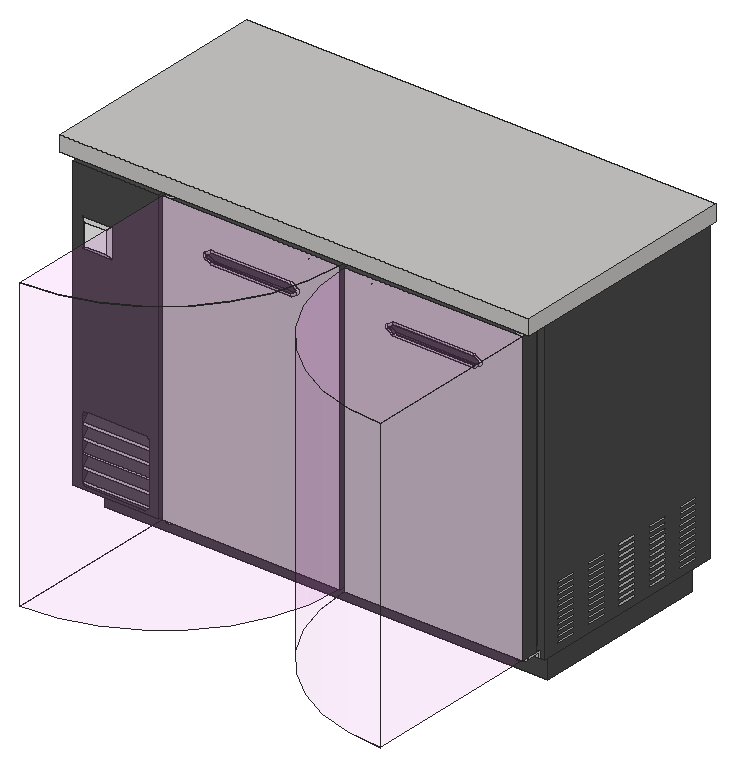
Revit family "QF_Kelvinator_738269_KCHBB48S_2-Solid_Door_Back_Bar_Refrigerator_Black_49_Long", category Specialty Equipment, Revit 2021
Family settings
  Round Connector Dimension = Use Diameter
  Part Type = Normal
  Work Plane-Based = No
  Always vertical = Yes
  Cut with Voids When Loaded = No
  Shared = No
  Room Calculation Point = No
Parameters
  Weight in Pounds = 205.03
  Watts = 300 W
  Volts = 115 V
  URL Cutsheet = ""
  Specification by User = ""
  Specification by Manufacturer = ""
  Show Clearance [instance] = yes
  Serial Number = ""
  Seismic Rating = ""
  SMACNA No = ""
  Revision Code = ""
  Refrigerant Type = "R290"
  Phase = 1
  Number of Poles = 1
  NAFEM Spec ID Number = ""
  Model = "738269 (KCHBB48S)"
  Min Ckt Ampacity = 0 A
  Max Overcurrent Protection = 0 A
  Masterspec = ""
  Manufacturer = "Kelvinator Commercial"
  Length = 49.0625"
  Item Number = "738269"
  Installed By = ""
  Identify Quantity as Lot = yes
  Height = 36.1875"
  HP = "1/5"
  Furnished By = ""
  Foodservice Equipment Identifier = yes
  FL Amps = 3 A
  Electrical Remarks = ""
  Electric Connection Type = ""
  Elec Conn RI Height = 0.000"
  Elec Conn Connection Height = 0.000"
  Description = "2-Solid Door Back Bar Refrigerator Black 49\" Long"
  Depth = 24.4375"
  Default Elevation = 0.000"
  Cycle = 60 Hz
  Conn Plug = "5-15P"
  Conn Conduit = yes
  CSI MasterFormat = ""
  Apparent Power = 0 VA
Reference planes (in)
  plane 1 "BACK": y = 0
  plane 2: z = 0
  plane 3 "LEFT": x = 0
  plane 4 "RIGHT": x = 49.0625
  plane 5 "FRONT": y = -24.4375
  plane 6 "TOP": z = 36.1875
  plane 7 "Center Y": x = 24.53125
  plane 8 "Center X": y = -12.21875
Dimensions and locks (in)
  equal spacing: plane 3 "LEFT", plane 7 "Center Y", plane 4 "RIGHT"
  "Length": plane 3 "LEFT" to plane 4 "RIGHT"
  equal spacing: plane 5 "FRONT", plane 8 "Center X", plane 1 "BACK"
  "Depth": plane 5 "FRONT" to plane 1 "BACK"
  "Height": plane 6 "TOP" to level
  aligned and locked: level to plane 2
Nested families (in)
  nested 1: "KCHBB48S" at (0, 0, 0), Show Clearance <- "Show Clearance", type "KCHBB48S"
    with Show Clearance yes
Connectors (in)
  electrical at (24.53125, -0.715, 2.22), driven by "Volts", driven by "Watts"
    settings: on nested 1, index 1, voltage 115 V, apparent load 300 VA, apparent load phase1 0 VA, apparent load phase2 0 VA, apparent load phase3 0 VA, power factor 1, load classification "Other", number of poles 1, system type 30, power factor state 1, is connector primary yes, connector utility no, sub classification motor no, connector description ""
Definition of nested family "KCHBB48S"
  Parameters (values of type "KCHBB48S")
    Weight in Pounds = 0
    URL Cutsheet = ""
    Specification by User = ""
    Specification by Manufacturer = ""
    Show Clearance [instance] = yes
    Serial Number = ""
    Seismic Rating = ""
    SMACNA No = ""
    Revision Code = ""
    NAFEM Spec ID Number = ""
    Masterspec = ""
    Length = 49.094"
    Item Number = ""
    Installed By = ""
    Identify Quantity as Lot = yes
    Height = 36.220"
    Furnished By = ""
    Foodservice Equipment Identifier = yes
    Depth = 24.409"
    Default Elevation = 0.000"
    CSI MasterFormat = ""
  Reference planes (in)
    plane 1 "BACK": y = 0
    plane 2: z = 0
    plane 3 "LEFT": x = 0
    plane 4 "RIGHT": x = 49.094
    plane 5 "FRONT": y = -24.409
    plane 6 "TOP": z = 36.22
    plane 7 "Center Y": x = 24.547
    plane 8 "Center X": y = -12.2045
    plane 9: x = 48.46875
    plane 10: x = 0.59375
    plane 11: x = 47.96875
    plane 12: x = 29.36875
    plane 13: x = 28.86875
    plane 14: x = 10.26875
    plane 15: x = 9.93375
    plane 16: x = 0.93375
    plane 17: z = 2.72
    plane 18: z = 34.5875
    plane 19: y = -40.8
    plane 20: y = -21.6
    plane 21: x = 1.34375
    plane 22: x = 47.71875
    plane 23: y = -1.34
    plane 24: y = -20.26
    plane 25: z = 33.8375
    plane 26: z = 3.4375
    plane 27: y = -22.1
    plane 28: x = 1.93375
    plane 29: x = 8.93375
  Forms (in)
    Extrusion 1, solid
      sketch origin (0.59375, -180, -2.6612) x (0, 0, -1) y (0, -1, 0)
        loop
          line (-5.3812, -180) -> (-5.3812, -158.4) -> (-37.2487, -158.4) -> (-37.2487, -180) -> (-5.3812, -180)
      from 0 to -47.875
    Extrusion 2, solid
      sketch origin (0, 0, 0) x (0, 1, 0) y (0, 0, 1)
        loop
          line (-24.409, 36.22) -> (-24.409, 34.5875) -> (0, 34.5875) -> (0, 36.22) -> (-24.409, 36.22)
      from 0 to 49.0625
    Extrusion 3, solid
      sketch origin (0, -1.34, 0) x (0, 0, -1) y (1, 0, 0)
        loop
          line (-2.72, 1.34375) -> (0, 1.34375) -> (0, 47.71875) -> (-2.72, 47.71875) -> (-2.72, 1.34375)
      from 0 to 18.92
    Extrusion 4, solid
      sketch origin (0, -22.1, 34.5875) x (0, 0, 1) y (1, 0, 0)
        loop
          line (-0.75, 0.93375) -> (-0.75, 9.93375) -> (-31.15, 9.93375) -> (-31.15, 0.93375) -> (-0.75, 0.93375)
      from 0.5 to -1.75
    Extrusion 5, void
      sketch origin (1.93375, -180, 12.66737) x (0, 0, -1) y (0, -1, 0)
        loop
          line (8.97987, -157.025) -> (8.97987, -154.6785) -> (1.85487, -154.6785) -> (1.85487, -157.025) -> (2.10487, -157.025) -> (2.97987, -156.1785) -> (3.22987, -156.1785) -> (3.22987, -157.025) -> (3.47987, -157.025) -> (4.35487, -156.1785) -> (4.60487, -156.1785) -> (4.60487, -157.025) -> (4.85487, -157.025) -> (5.72987, -156.1785) -> (5.97987, -156.1785) -> (5.97987, -157.025) -> (6.22987, -157.025) -> (7.10487, -156.1785) -> (7.35487, -156.1785) -> (7.35487, -157.025) -> (7.60487, -157.025) -> (8.47987, -156.1785) -> (8.72987, -156.1785) -> (8.72987, -157.025) -> (8.97987, -157.025)
      from 0 to -7
    Extrusion 6, solid
      sketch origin (47.96875, -23.85, 3.4375) x (0, 0, 1) y (-1, 0, 0)
        loop
          line (7.375, 39.535) -> (7.375, 45.535)
          arc (7.375, 45.535) -> (7.22855, 45.88855) -> (6.875, 46.035) r 0.5
          line (6.875, 46.035) -> (0.75, 46.035)
          arc (0.75, 46.035) -> (0.39645, 45.88855) -> (0.25, 45.535) r 0.5
          line (0.25, 45.535) -> (0.25, 39.535)
          arc (0.25, 39.535) -> (0.39645, 39.18145) -> (0.75, 39.035) r 0.5
          line (0.75, 39.035) -> (6.875, 39.035)
          arc (6.875, 39.035) -> (7.22855, 39.18145) -> (7.375, 39.535) r 0.5
        loop
          line (7.625, 39.535) -> (7.625, 45.535)
          arc (7.625, 45.535) -> (7.40533, 46.06533) -> (6.875, 46.285) r 0.75
          line (6.875, 46.285) -> (0.75, 46.285)
          arc (0.75, 46.285) -> (0.21967, 46.06533) -> (0, 45.535) r 0.75
          line (0, 45.535) -> (0, 39.535)
          arc (0, 39.535) -> (0.21967, 39.00467) -> (0.75, 38.785) r 0.75
          line (0.75, 38.785) -> (6.875, 38.785)
          arc (6.875, 38.785) -> (7.40533, 39.00467) -> (7.625, 39.535) r 0.75
      from 0 to -0.875
    Blend 7, solid
      base sketch origin (47.96875, -23.85, 3.4375) x (0, 0, 1) y (-1, 0, 0)
        loop
          line (25.18493, 45.65025) -> (22.93493, 45.65025) -> (22.93493, 43.40025) -> (25.18493, 43.40025) -> (25.18493, 45.65025)
      top sketch origin (47.96875, -23.85, 3.4375) x (0, 0, 1) y (-1, 0, 0)
        loop
          line (25.56493, 46.03025) -> (22.55493, 46.03025) -> (22.55493, 43.02025) -> (25.56493, 43.02025) -> (25.56493, 46.03025)
      from 0.21643 to 0
    Extrusion 8, void
      sketch origin (0.59375, -180, -2.6612) x (0, 0, 1) y (0, -1, 0)
        loop
          arc (12.10379, -160.16063) -> (11.94754, -160.00438) -> (11.79129, -160.16063) r 0.15625
          line (11.79129, -160.16063) -> (11.79129, -162.09813)
          arc (11.79129, -162.09813) -> (11.94754, -162.25438) -> (12.10379, -162.09813) r 0.15625
          line (12.10379, -162.09813) -> (12.10379, -160.16063)
        loop
          arc (11.54129, -160.16063) -> (11.38504, -160.00438) -> (11.22879, -160.16063) r 0.15625
          line (11.22879, -160.16063) -> (11.22879, -162.09813)
          arc (11.22879, -162.09813) -> (11.38504, -162.25438) -> (11.54129, -162.09813) r 0.15625
          line (11.54129, -162.09813) -> (11.54129, -160.16063)
        loop
          arc (10.97879, -160.16063) -> (10.82254, -160.00438) -> (10.66629, -160.16063) r 0.15625
          line (10.66629, -160.16063) -> (10.66629, -162.09813)
          arc (10.66629, -162.09813) -> (10.82254, -162.25438) -> (10.97879, -162.09813) r 0.15625
          line (10.97879, -162.09813) -> (10.97879, -160.16063)
        loop
          arc (10.41629, -160.16063) -> (10.26004, -160.00438) -> (10.10379, -160.16063) r 0.15625
          line (10.10379, -160.16063) -> (10.10379, -162.09813)
          arc (10.10379, -162.09813) -> (10.26004, -162.25438) -> (10.41629, -162.09813) r 0.15625
          line (10.41629, -162.09813) -> (10.41629, -160.16063)
        loop
          arc (9.85379, -160.16063) -> (9.69754, -160.00438) -> (9.54129, -160.16063) r 0.15625
          line (9.54129, -160.16063) -> (9.54129, -162.09813)
          arc (9.54129, -162.09813) -> (9.69754, -162.25438) -> (9.85379, -162.09813) r 0.15625
          line (9.85379, -162.09813) -> (9.85379, -160.16063)
        loop
          arc (9.29129, -160.16063) -> (9.13504, -160.00438) -> (8.97879, -160.16063) r 0.15625
          line (8.97879, -160.16063) -> (8.97879, -162.09813)
          arc (8.97879, -162.09813) -> (9.13504, -162.25438) -> (9.29129, -162.09813) r 0.15625
          line (9.29129, -162.09813) -> (9.29129, -160.16063)
        loop
          arc (8.72879, -160.16063) -> (8.57254, -160.00438) -> (8.41629, -160.16063) r 0.15625
          line (8.41629, -160.16063) -> (8.41629, -162.09813)
          arc (8.41629, -162.09813) -> (8.57254, -162.25438) -> (8.72879, -162.09813) r 0.15625
          line (8.72879, -162.09813) -> (8.72879, -160.16063)
        loop
          arc (8.16629, -160.16063) -> (8.01004, -160.00438) -> (7.85379, -160.16063) r 0.15625
          line (7.85379, -160.16063) -> (7.85379, -162.09813)
          arc (7.85379, -162.09813) -> (8.01004, -162.25438) -> (8.16629, -162.09813) r 0.15625
          line (8.16629, -162.09813) -> (8.16629, -160.16063)
        loop
          arc (7.60379, -160.16063) -> (7.44754, -160.00438) -> (7.29129, -160.16063) r 0.15625
          line (7.29129, -160.16063) -> (7.29129, -162.09813)
          arc (7.29129, -162.09813) -> (7.44754, -162.25438) -> (7.60379, -162.09813) r 0.15625
          line (7.60379, -162.09813) -> (7.60379, -160.16063)
        loop
          arc (7.04129, -160.16063) -> (6.88504, -160.00438) -> (6.72879, -160.16063) r 0.15625
          line (6.72879, -160.16063) -> (6.72879, -162.09813)
          arc (6.72879, -162.09813) -> (6.88504, -162.25438) -> (7.04129, -162.09813) r 0.15625
          line (7.04129, -162.09813) -> (7.04129, -160.16063)
        loop
          arc (6.47879, -160.16063) -> (6.32254, -160.00438) -> (6.16629, -160.16063) r 0.15625
          line (6.16629, -160.16063) -> (6.16629, -162.09813)
          arc (6.16629, -162.09813) -> (6.32254, -162.25438) -> (6.47879, -162.09813) r 0.15625
          line (6.47879, -162.09813) -> (6.47879, -160.16063)
        loop
          arc (12.10379, -164.16063) -> (11.94754, -164.00438) -> (11.79129, -164.16063) r 0.15625
          line (11.79129, -164.16063) -> (11.79129, -166.09813)
          arc (11.79129, -166.09813) -> (11.94754, -166.25438) -> (12.10379, -166.09813) r 0.15625
          line (12.10379, -166.09813) -> (12.10379, -164.16063)
        loop
          arc (11.54129, -164.16063) -> (11.38504, -164.00438) -> (11.22879, -164.16063) r 0.15625
          line (11.22879, -164.16063) -> (11.22879, -166.09813)
          arc (11.22879, -166.09813) -> (11.38504, -166.25438) -> (11.54129, -166.09813) r 0.15625
          line (11.54129, -166.09813) -> (11.54129, -164.16063)
        loop
          arc (10.97879, -164.16063) -> (10.82254, -164.00438) -> (10.66629, -164.16063) r 0.15625
          line (10.66629, -164.16063) -> (10.66629, -166.09813)
          arc (10.66629, -166.09813) -> (10.82254, -166.25438) -> (10.97879, -166.09813) r 0.15625
          line (10.97879, -166.09813) -> (10.97879, -164.16063)
        loop
          arc (10.41629, -164.16063) -> (10.26004, -164.00438) -> (10.10379, -164.16063) r 0.15625
          line (10.10379, -164.16063) -> (10.10379, -166.09813)
          arc (10.10379, -166.09813) -> (10.26004, -166.25438) -> (10.41629, -166.09813) r 0.15625
          line (10.41629, -166.09813) -> (10.41629, -164.16063)
        loop
          arc (9.85379, -164.16063) -> (9.69754, -164.00438) -> (9.54129, -164.16063) r 0.15625
          line (9.54129, -164.16063) -> (9.54129, -166.09813)
          arc (9.54129, -166.09813) -> (9.69754, -166.25438) -> (9.85379, -166.09813) r 0.15625
          line (9.85379, -166.09813) -> (9.85379, -164.16063)
        loop
          arc (9.29129, -164.16063) -> (9.13504, -164.00438) -> (8.97879, -164.16063) r 0.15625
          line (8.97879, -164.16063) -> (8.97879, -166.09813)
          arc (8.97879, -166.09813) -> (9.13504, -166.25438) -> (9.29129, -166.09813) r 0.15625
          line (9.29129, -166.09813) -> (9.29129, -164.16063)
        loop
          arc (8.72879, -164.16063) -> (8.57254, -164.00438) -> (8.41629, -164.16063) r 0.15625
          line (8.41629, -164.16063) -> (8.41629, -166.09813)
          arc (8.41629, -166.09813) -> (8.57254, -166.25438) -> (8.72879, -166.09813) r 0.15625
          line (8.72879, -166.09813) -> (8.72879, -164.16063)
        loop
          arc (8.16629, -164.16063) -> (8.01004, -164.00438) -> (7.85379, -164.16063) r 0.15625
          line (7.85379, -164.16063) -> (7.85379, -166.09813)
          arc (7.85379, -166.09813) -> (8.01004, -166.25438) -> (8.16629, -166.09813) r 0.15625
          line (8.16629, -166.09813) -> (8.16629, -164.16063)
        loop
          arc (7.60379, -164.16063) -> (7.44754, -164.00438) -> (7.29129, -164.16063) r 0.15625
          line (7.29129, -164.16063) -> (7.29129, -166.09813)
          arc (7.29129, -166.09813) -> (7.44754, -166.25438) -> (7.60379, -166.09813) r 0.15625
          line (7.60379, -166.09813) -> (7.60379, -164.16063)
        loop
          arc (7.04129, -164.16063) -> (6.88504, -164.00438) -> (6.72879, -164.16063) r 0.15625
          line (6.72879, -164.16063) -> (6.72879, -166.09813)
          arc (6.72879, -166.09813) -> (6.88504, -166.25438) -> (7.04129, -166.09813) r 0.15625
          line (7.04129, -166.09813) -> (7.04129, -164.16063)
        loop
          arc (6.47879, -164.16063) -> (6.32254, -164.00438) -> (6.16629, -164.16063) r 0.15625
          line (6.16629, -164.16063) -> (6.16629, -166.09813)
          arc (6.16629, -166.09813) -> (6.32254, -166.25438) -> (6.47879, -166.09813) r 0.15625
          line (6.47879, -166.09813) -> (6.47879, -164.16063)
        loop
          arc (12.10379, -168.16063) -> (11.94754, -168.00438) -> (11.79129, -168.16063) r 0.15625
          line (11.79129, -168.16063) -> (11.79129, -170.09813)
          arc (11.79129, -170.09813) -> (11.94754, -170.25438) -> (12.10379, -170.09813) r 0.15625
          line (12.10379, -170.09813) -> (12.10379, -168.16063)
        loop
          arc (11.54129, -168.16063) -> (11.38504, -168.00438) -> (11.22879, -168.16063) r 0.15625
          line (11.22879, -168.16063) -> (11.22879, -170.09813)
          arc (11.22879, -170.09813) -> (11.38504, -170.25438) -> (11.54129, -170.09813) r 0.15625
          line (11.54129, -170.09813) -> (11.54129, -168.16063)
        loop
          arc (10.97879, -168.16063) -> (10.82254, -168.00438) -> (10.66629, -168.16063) r 0.15625
          line (10.66629, -168.16063) -> (10.66629, -170.09813)
          arc (10.66629, -170.09813) -> (10.82254, -170.25438) -> (10.97879, -170.09813) r 0.15625
          line (10.97879, -170.09813) -> (10.97879, -168.16063)
        loop
          arc (10.41629, -168.16063) -> (10.26004, -168.00438) -> (10.10379, -168.16063) r 0.15625
          line (10.10379, -168.16063) -> (10.10379, -170.09813)
          arc (10.10379, -170.09813) -> (10.26004, -170.25438) -> (10.41629, -170.09813) r 0.15625
          line (10.41629, -170.09813) -> (10.41629, -168.16063)
        loop
          arc (9.85379, -168.16063) -> (9.69754, -168.00438) -> (9.54129, -168.16063) r 0.15625
          line (9.54129, -168.16063) -> (9.54129, -170.09813)
          arc (9.54129, -170.09813) -> (9.69754, -170.25438) -> (9.85379, -170.09813) r 0.15625
          line (9.85379, -170.09813) -> (9.85379, -168.16063)
        loop
          arc (9.29129, -168.16063) -> (9.13504, -168.00438) -> (8.97879, -168.16063) r 0.15625
          line (8.97879, -168.16063) -> (8.97879, -170.09813)
          arc (8.97879, -170.09813) -> (9.13504, -170.25438) -> (9.29129, -170.09813) r 0.15625
          line (9.29129, -170.09813) -> (9.29129, -168.16063)
        loop
          arc (8.72879, -168.16063) -> (8.57254, -168.00438) -> (8.41629, -168.16063) r 0.15625
          line (8.41629, -168.16063) -> (8.41629, -170.09813)
          arc (8.41629, -170.09813) -> (8.57254, -170.25438) -> (8.72879, -170.09813) r 0.15625
          line (8.72879, -170.09813) -> (8.72879, -168.16063)
        loop
          arc (8.16629, -168.16063) -> (8.01004, -168.00438) -> (7.85379, -168.16063) r 0.15625
          line (7.85379, -168.16063) -> (7.85379, -170.09813)
          arc (7.85379, -170.09813) -> (8.01004, -170.25438) -> (8.16629, -170.09813) r 0.15625
          line (8.16629, -170.09813) -> (8.16629, -168.16063)
        loop
          arc (7.60379, -168.16063) -> (7.44754, -168.00438) -> (7.29129, -168.16063) r 0.15625
          line (7.29129, -168.16063) -> (7.29129, -170.09813)
          arc (7.29129, -170.09813) -> (7.44754, -170.25438) -> (7.60379, -170.09813) r 0.15625
          line (7.60379, -170.09813) -> (7.60379, -168.16063)
        loop
          arc (7.04129, -168.16063) -> (6.88504, -168.00438) -> (6.72879, -168.16063) r 0.15625
          line (6.72879, -168.16063) -> (6.72879, -170.09813)
          arc (6.72879, -170.09813) -> (6.88504, -170.25438) -> (7.04129, -170.09813) r 0.15625
          line (7.04129, -170.09813) -> (7.04129, -168.16063)
        loop
          arc (6.47879, -168.16063) -> (6.32254, -168.00438) -> (6.16629, -168.16063) r 0.15625
          line (6.16629, -168.16063) -> (6.16629, -170.09813)
          arc (6.16629, -170.09813) -> (6.32254, -170.25438) -> (6.47879, -170.09813) r 0.15625
          line (6.47879, -170.09813) -> (6.47879, -168.16063)
        loop
          arc (12.10379, -172.16063) -> (11.94754, -172.00438) -> (11.79129, -172.16063) r 0.15625
          line (11.79129, -172.16063) -> (11.79129, -174.09813)
          arc (11.79129, -174.09813) -> (11.94754, -174.25438) -> (12.10379, -174.09813) r 0.15625
          line (12.10379, -174.09813) -> (12.10379, -172.16063)
        loop
          arc (11.54129, -172.16063) -> (11.38504, -172.00438) -> (11.22879, -172.16063) r 0.15625
          line (11.22879, -172.16063) -> (11.22879, -174.09813)
          arc (11.22879, -174.09813) -> (11.38504, -174.25438) -> (11.54129, -174.09813) r 0.15625
          line (11.54129, -174.09813) -> (11.54129, -172.16063)
        loop
          arc (10.97879, -172.16063) -> (10.82254, -172.00438) -> (10.66629, -172.16063) r 0.15625
          line (10.66629, -172.16063) -> (10.66629, -174.09813)
          arc (10.66629, -174.09813) -> (10.82254, -174.25438) -> (10.97879, -174.09813) r 0.15625
          line (10.97879, -174.09813) -> (10.97879, -172.16063)
        loop
          arc (10.41629, -172.16063) -> (10.26004, -172.00438) -> (10.10379, -172.16063) r 0.15625
          line (10.10379, -172.16063) -> (10.10379, -174.09813)
          arc (10.10379, -174.09813) -> (10.26004, -174.25438) -> (10.41629, -174.09813) r 0.15625
          line (10.41629, -174.09813) -> (10.41629, -172.16063)
        loop
          arc (9.85379, -172.16063) -> (9.69754, -172.00438) -> (9.54129, -172.16063) r 0.15625
          line (9.54129, -172.16063) -> (9.54129, -174.09813)
          arc (9.54129, -174.09813) -> (9.69754, -174.25438) -> (9.85379, -174.09813) r 0.15625
          line (9.85379, -174.09813) -> (9.85379, -172.16063)
        loop
          arc (9.29129, -172.16063) -> (9.13504, -172.00438) -> (8.97879, -172.16063) r 0.15625
          line (8.97879, -172.16063) -> (8.97879, -174.09813)
          arc (8.97879, -174.09813) -> (9.13504, -174.25438) -> (9.29129, -174.09813) r 0.15625
          line (9.29129, -174.09813) -> (9.29129, -172.16063)
        loop
          arc (8.72879, -172.16063) -> (8.57254, -172.00438) -> (8.41629, -172.16063) r 0.15625
          line (8.41629, -172.16063) -> (8.41629, -174.09813)
          arc (8.41629, -174.09813) -> (8.57254, -174.25438) -> (8.72879, -174.09813) r 0.15625
          line (8.72879, -174.09813) -> (8.72879, -172.16063)
        loop
          arc (8.16629, -172.16063) -> (8.01004, -172.00438) -> (7.85379, -172.16063) r 0.15625
          line (7.85379, -172.16063) -> (7.85379, -174.09813)
          arc (7.85379, -174.09813) -> (8.01004, -174.25438) -> (8.16629, -174.09813) r 0.15625
          line (8.16629, -174.09813) -> (8.16629, -172.16063)
        loop
          arc (7.60379, -172.16063) -> (7.44754, -172.00438) -> (7.29129, -172.16063) r 0.15625
          line (7.29129, -172.16063) -> (7.29129, -174.09813)
          arc (7.29129, -174.09813) -> (7.44754, -174.25438) -> (7.60379, -174.09813) r 0.15625
          line (7.60379, -174.09813) -> (7.60379, -172.16063)
        loop
          arc (7.04129, -172.16063) -> (6.88504, -172.00438) -> (6.72879, -172.16063) r 0.15625
          line (6.72879, -172.16063) -> (6.72879, -174.09813)
          arc (6.72879, -174.09813) -> (6.88504, -174.25438) -> (7.04129, -174.09813) r 0.15625
          line (7.04129, -174.09813) -> (7.04129, -172.16063)
        loop
          arc (6.47879, -172.16063) -> (6.32254, -172.00438) -> (6.16629, -172.16063) r 0.15625
          line (6.16629, -172.16063) -> (6.16629, -174.09813)
          arc (6.16629, -174.09813) -> (6.32254, -174.25438) -> (6.47879, -174.09813) r 0.15625
          line (6.47879, -174.09813) -> (6.47879, -172.16063)
        loop
          arc (12.10379, -176.16063) -> (11.94754, -176.00438) -> (11.79129, -176.16063) r 0.15625
          line (11.79129, -176.16063) -> (11.79129, -178.09813)
          arc (11.79129, -178.09813) -> (11.94754, -178.25438) -> (12.10379, -178.09813) r 0.15625
          line (12.10379, -178.09813) -> (12.10379, -176.16063)
        loop
          arc (11.54129, -176.16063) -> (11.38504, -176.00438) -> (11.22879, -176.16063) r 0.15625
          line (11.22879, -176.16063) -> (11.22879, -178.09813)
          arc (11.22879, -178.09813) -> (11.38504, -178.25438) -> (11.54129, -178.09813) r 0.15625
          line (11.54129, -178.09813) -> (11.54129, -176.16063)
        loop
          arc (10.97879, -176.16063) -> (10.82254, -176.00438) -> (10.66629, -176.16063) r 0.15625
          line (10.66629, -176.16063) -> (10.66629, -178.09813)
          arc (10.66629, -178.09813) -> (10.82254, -178.25438) -> (10.97879, -178.09813) r 0.15625
          line (10.97879, -178.09813) -> (10.97879, -176.16063)
        loop
          arc (10.41629, -176.16063) -> (10.26004, -176.00438) -> (10.10379, -176.16063) r 0.15625
          line (10.10379, -176.16063) -> (10.10379, -178.09813)
          arc (10.10379, -178.09813) -> (10.26004, -178.25438) -> (10.41629, -178.09813) r 0.15625
          line (10.41629, -178.09813) -> (10.41629, -176.16063)
        loop
          arc (9.85379, -176.16063) -> (9.69754, -176.00438) -> (9.54129, -176.16063) r 0.15625
          line (9.54129, -176.16063) -> (9.54129, -178.09813)
          arc (9.54129, -178.09813) -> (9.69754, -178.25438) -> (9.85379, -178.09813) r 0.15625
          line (9.85379, -178.09813) -> (9.85379, -176.16063)
        loop
          arc (9.29129, -176.16063) -> (9.13504, -176.00438) -> (8.97879, -176.16063) r 0.15625
          line (8.97879, -176.16063) -> (8.97879, -178.09813)
          arc (8.97879, -178.09813) -> (9.13504, -178.25438) -> (9.29129, -178.09813) r 0.15625
          line (9.29129, -178.09813) -> (9.29129, -176.16063)
        loop
          arc (8.72879, -176.16063) -> (8.57254, -176.00438) -> (8.41629, -176.16063) r 0.15625
          line (8.41629, -176.16063) -> (8.41629, -178.09813)
          arc (8.41629, -178.09813) -> (8.57254, -178.25438) -> (8.72879, -178.09813) r 0.15625
          line (8.72879, -178.09813) -> (8.72879, -176.16063)
        loop
          arc (8.16629, -176.16063) -> (8.01004, -176.00438) -> (7.85379, -176.16063) r 0.15625
          line (7.85379, -176.16063) -> (7.85379, -178.09813)
          arc (7.85379, -178.09813) -> (8.01004, -178.25438) -> (8.16629, -178.09813) r 0.15625
          line (8.16629, -178.09813) -> (8.16629, -176.16063)
        loop
          arc (7.60379, -176.16063) -> (7.44754, -176.00438) -> (7.29129, -176.16063) r 0.15625
          line (7.29129, -176.16063) -> (7.29129, -178.09813)
          arc (7.29129, -178.09813) -> (7.44754, -178.25438) -> (7.60379, -178.09813) r 0.15625
          line (7.60379, -178.09813) -> (7.60379, -176.16063)
        loop
          arc (7.04129, -176.16063) -> (6.88504, -176.00438) -> (6.72879, -176.16063) r 0.15625
          line (6.72879, -176.16063) -> (6.72879, -178.09813)
          arc (6.72879, -178.09813) -> (6.88504, -178.25438) -> (7.04129, -178.09813) r 0.15625
          line (7.04129, -178.09813) -> (7.04129, -176.16063)
        loop
          arc (6.47879, -176.16063) -> (6.32254, -176.00438) -> (6.16629, -176.16063) r 0.15625
          line (6.16629, -176.16063) -> (6.16629, -178.09813)
          arc (6.16629, -178.09813) -> (6.32254, -178.25438) -> (6.47879, -178.09813) r 0.15625
          line (6.47879, -178.09813) -> (6.47879, -176.16063)
      from 0 to 0.03
    Extrusion 9, void
      sketch origin (48.46875, -180, -2.6612) x (0, 0, 1) y (0, 1, 0)
        loop
          line (12.07129, 160.16063) -> (12.07129, 162.09813)
          arc (12.07129, 162.09813) -> (11.91504, 162.25438) -> (11.75879, 162.09813) r 0.15625
          line (11.75879, 162.09813) -> (11.75879, 160.16063)
          arc (11.75879, 160.16063) -> (11.91504, 160.00438) -> (12.07129, 160.16063) r 0.15625
        loop
          line (11.50879, 160.16063) -> (11.50879, 162.09813)
          arc (11.50879, 162.09813) -> (11.35254, 162.25438) -> (11.19629, 162.09813) r 0.15625
          line (11.19629, 162.09813) -> (11.19629, 160.16063)
          arc (11.19629, 160.16063) -> (11.35254, 160.00438) -> (11.50879, 160.16063) r 0.15625
        loop
          line (10.94629, 160.16063) -> (10.94629, 162.09813)
          arc (10.94629, 162.09813) -> (10.79004, 162.25438) -> (10.63379, 162.09813) r 0.15625
          line (10.63379, 162.09813) -> (10.63379, 160.16063)
          arc (10.63379, 160.16063) -> (10.79004, 160.00438) -> (10.94629, 160.16063) r 0.15625
        loop
          line (10.38379, 160.16063) -> (10.38379, 162.09813)
          arc (10.38379, 162.09813) -> (10.22754, 162.25438) -> (10.07129, 162.09813) r 0.15625
          line (10.07129, 162.09813) -> (10.07129, 160.16063)
          arc (10.07129, 160.16063) -> (10.22754, 160.00438) -> (10.38379, 160.16063) r 0.15625
        loop
          line (9.82129, 160.16063) -> (9.82129, 162.09813)
          arc (9.82129, 162.09813) -> (9.66504, 162.25438) -> (9.50879, 162.09813) r 0.15625
          line (9.50879, 162.09813) -> (9.50879, 160.16063)
          arc (9.50879, 160.16063) -> (9.66504, 160.00438) -> (9.82129, 160.16063) r 0.15625
        loop
          line (9.25879, 160.16063) -> (9.25879, 162.09813)
          arc (9.25879, 162.09813) -> (9.10254, 162.25438) -> (8.94629, 162.09813) r 0.15625
          line (8.94629, 162.09813) -> (8.94629, 160.16063)
          arc (8.94629, 160.16063) -> (9.10254, 160.00438) -> (9.25879, 160.16063) r 0.15625
        loop
          line (8.69629, 160.16063) -> (8.69629, 162.09813)
          arc (8.69629, 162.09813) -> (8.54004, 162.25438) -> (8.38379, 162.09813) r 0.15625
          line (8.38379, 162.09813) -> (8.38379, 160.16063)
          arc (8.38379, 160.16063) -> (8.54004, 160.00438) -> (8.69629, 160.16063) r 0.15625
        loop
          line (8.13379, 160.16063) -> (8.13379, 162.09813)
          arc (8.13379, 162.09813) -> (7.97754, 162.25438) -> (7.82129, 162.09813) r 0.15625
          line (7.82129, 162.09813) -> (7.82129, 160.16063)
          arc (7.82129, 160.16063) -> (7.97754, 160.00438) -> (8.13379, 160.16063) r 0.15625
        loop
          line (7.57129, 160.16063) -> (7.57129, 162.09813)
          arc (7.57129, 162.09813) -> (7.41504, 162.25438) -> (7.25879, 162.09813) r 0.15625
          line (7.25879, 162.09813) -> (7.25879, 160.16063)
          arc (7.25879, 160.16063) -> (7.41504, 160.00438) -> (7.57129, 160.16063) r 0.15625
        loop
          line (7.00879, 160.16063) -> (7.00879, 162.09813)
          arc (7.00879, 162.09813) -> (6.85254, 162.25438) -> (6.69629, 162.09813) r 0.15625
          line (6.69629, 162.09813) -> (6.69629, 160.16063)
          arc (6.69629, 160.16063) -> (6.85254, 160.00438) -> (7.00879, 160.16063) r 0.15625
        loop
          line (6.44629, 160.16063) -> (6.44629, 162.09813)
          arc (6.44629, 162.09813) -> (6.29004, 162.25438) -> (6.13379, 162.09813) r 0.15625
          line (6.13379, 162.09813) -> (6.13379, 160.16063)
          arc (6.13379, 160.16063) -> (6.29004, 160.00438) -> (6.44629, 160.16063) r 0.15625
        loop
          line (12.07129, 164.16063) -> (12.07129, 166.11238)
          arc (12.07129, 166.11238) -> (11.91504, 166.26863) -> (11.75879, 166.11238) r 0.15625
          line (11.75879, 166.11238) -> (11.75879, 164.16063)
          arc (11.75879, 164.16063) -> (11.91504, 164.00438) -> (12.07129, 164.16063) r 0.15625
        loop
          line (11.50879, 164.16063) -> (11.50879, 166.11238)
          arc (11.50879, 166.11238) -> (11.35254, 166.26863) -> (11.19629, 166.11238) r 0.15625
          line (11.19629, 166.11238) -> (11.19629, 164.16063)
          arc (11.19629, 164.16063) -> (11.35254, 164.00438) -> (11.50879, 164.16063) r 0.15625
        loop
          line (10.94629, 164.16063) -> (10.94629, 166.11238)
          arc (10.94629, 166.11238) -> (10.79004, 166.26863) -> (10.63379, 166.11238) r 0.15625
          line (10.63379, 166.11238) -> (10.63379, 164.16063)
          arc (10.63379, 164.16063) -> (10.79004, 164.00438) -> (10.94629, 164.16063) r 0.15625
        loop
          line (10.38379, 164.16063) -> (10.38379, 166.11238)
          arc (10.38379, 166.11238) -> (10.22754, 166.26863) -> (10.07129, 166.11238) r 0.15625
          line (10.07129, 166.11238) -> (10.07129, 164.16063)
          arc (10.07129, 164.16063) -> (10.22754, 164.00438) -> (10.38379, 164.16063) r 0.15625
        loop
          line (9.82129, 164.16063) -> (9.82129, 166.11238)
          arc (9.82129, 166.11238) -> (9.66504, 166.26863) -> (9.50879, 166.11238) r 0.15625
          line (9.50879, 166.11238) -> (9.50879, 164.16063)
          arc (9.50879, 164.16063) -> (9.66504, 164.00438) -> (9.82129, 164.16063) r 0.15625
        loop
          line (9.25879, 164.16063) -> (9.25879, 166.11238)
          arc (9.25879, 166.11238) -> (9.10254, 166.26863) -> (8.94629, 166.11238) r 0.15625
          line (8.94629, 166.11238) -> (8.94629, 164.16063)
          arc (8.94629, 164.16063) -> (9.10254, 164.00438) -> (9.25879, 164.16063) r 0.15625
        loop
          line (8.69629, 164.16063) -> (8.69629, 166.11238)
          arc (8.69629, 166.11238) -> (8.54004, 166.26863) -> (8.38379, 166.11238) r 0.15625
          line (8.38379, 166.11238) -> (8.38379, 164.16063)
          arc (8.38379, 164.16063) -> (8.54004, 164.00438) -> (8.69629, 164.16063) r 0.15625
        loop
          line (8.13379, 164.16063) -> (8.13379, 166.11238)
          arc (8.13379, 166.11238) -> (7.97754, 166.26863) -> (7.82129, 166.11238) r 0.15625
          line (7.82129, 166.11238) -> (7.82129, 164.16063)
          arc (7.82129, 164.16063) -> (7.97754, 164.00438) -> (8.13379, 164.16063) r 0.15625
        loop
          line (7.57129, 164.16063) -> (7.57129, 166.11238)
          arc (7.57129, 166.11238) -> (7.41504, 166.26863) -> (7.25879, 166.11238) r 0.15625
          line (7.25879, 166.11238) -> (7.25879, 164.16063)
          arc (7.25879, 164.16063) -> (7.41504, 164.00438) -> (7.57129, 164.16063) r 0.15625
        loop
          line (7.00879, 164.16063) -> (7.00879, 166.11238)
          arc (7.00879, 166.11238) -> (6.85254, 166.26863) -> (6.69629, 166.11238) r 0.15625
          line (6.69629, 166.11238) -> (6.69629, 164.16063)
          arc (6.69629, 164.16063) -> (6.85254, 164.00438) -> (7.00879, 164.16063) r 0.15625
        loop
          line (6.44629, 164.16063) -> (6.44629, 166.11238)
          arc (6.44629, 166.11238) -> (6.29004, 166.26863) -> (6.13379, 166.11238) r 0.15625
          line (6.13379, 166.11238) -> (6.13379, 164.16063)
          arc (6.13379, 164.16063) -> (6.29004, 164.00438) -> (6.44629, 164.16063) r 0.15625
        loop
          line (12.07129, 168.17488) -> (12.07129, 170.11238)
          arc (12.07129, 170.11238) -> (11.91504, 170.26863) -> (11.75879, 170.11238) r 0.15625
          line (11.75879, 170.11238) -> (11.75879, 168.17488)
          arc (11.75879, 168.17488) -> (11.91504, 168.01863) -> (12.07129, 168.17488) r 0.15625
        loop
          line (11.50879, 168.17488) -> (11.50879, 170.11238)
          arc (11.50879, 170.11238) -> (11.35254, 170.26863) -> (11.19629, 170.11238) r 0.15625
          line (11.19629, 170.11238) -> (11.19629, 168.17488)
          arc (11.19629, 168.17488) -> (11.35254, 168.01863) -> (11.50879, 168.17488) r 0.15625
        loop
          line (10.94629, 168.17488) -> (10.94629, 170.11238)
          arc (10.94629, 170.11238) -> (10.79004, 170.26863) -> (10.63379, 170.11238) r 0.15625
          line (10.63379, 170.11238) -> (10.63379, 168.17488)
          arc (10.63379, 168.17488) -> (10.79004, 168.01863) -> (10.94629, 168.17488) r 0.15625
        loop
          line (10.38379, 168.17488) -> (10.38379, 170.11238)
          arc (10.38379, 170.11238) -> (10.22754, 170.26863) -> (10.07129, 170.11238) r 0.15625
          line (10.07129, 170.11238) -> (10.07129, 168.17488)
          arc (10.07129, 168.17488) -> (10.22754, 168.01863) -> (10.38379, 168.17488) r 0.15625
        loop
          line (9.82129, 168.17488) -> (9.82129, 170.11238)
          arc (9.82129, 170.11238) -> (9.66504, 170.26863) -> (9.50879, 170.11238) r 0.15625
          line (9.50879, 170.11238) -> (9.50879, 168.17488)
          arc (9.50879, 168.17488) -> (9.66504, 168.01863) -> (9.82129, 168.17488) r 0.15625
        loop
          line (9.25879, 168.17488) -> (9.25879, 170.11238)
          arc (9.25879, 170.11238) -> (9.10254, 170.26863) -> (8.94629, 170.11238) r 0.15625
          line (8.94629, 170.11238) -> (8.94629, 168.17488)
          arc (8.94629, 168.17488) -> (9.10254, 168.01863) -> (9.25879, 168.17488) r 0.15625
        loop
          line (8.69629, 168.17488) -> (8.69629, 170.11238)
          arc (8.69629, 170.11238) -> (8.54004, 170.26863) -> (8.38379, 170.11238) r 0.15625
          line (8.38379, 170.11238) -> (8.38379, 168.17488)
          arc (8.38379, 168.17488) -> (8.54004, 168.01863) -> (8.69629, 168.17488) r 0.15625
        loop
          line (8.13379, 168.17488) -> (8.13379, 170.11238)
          arc (8.13379, 170.11238) -> (7.97754, 170.26863) -> (7.82129, 170.11238) r 0.15625
          line (7.82129, 170.11238) -> (7.82129, 168.17488)
          arc (7.82129, 168.17488) -> (7.97754, 168.01863) -> (8.13379, 168.17488) r 0.15625
        loop
          line (7.57129, 168.17488) -> (7.57129, 170.11238)
          arc (7.57129, 170.11238) -> (7.41504, 170.26863) -> (7.25879, 170.11238) r 0.15625
          line (7.25879, 170.11238) -> (7.25879, 168.17488)
          arc (7.25879, 168.17488) -> (7.41504, 168.01863) -> (7.57129, 168.17488) r 0.15625
        loop
          line (7.00879, 168.17488) -> (7.00879, 170.11238)
          arc (7.00879, 170.11238) -> (6.85254, 170.26863) -> (6.69629, 170.11238) r 0.15625
          line (6.69629, 170.11238) -> (6.69629, 168.17488)
          arc (6.69629, 168.17488) -> (6.85254, 168.01863) -> (7.00879, 168.17488) r 0.15625
        loop
          line (6.44629, 168.17488) -> (6.44629, 170.11238)
          arc (6.44629, 170.11238) -> (6.29004, 170.26863) -> (6.13379, 170.11238) r 0.15625
          line (6.13379, 170.11238) -> (6.13379, 168.17488)
          arc (6.13379, 168.17488) -> (6.29004, 168.01863) -> (6.44629, 168.17488) r 0.15625
        loop
          line (12.07129, 172.17488) -> (12.07129, 174.11238)
          arc (12.07129, 174.11238) -> (11.91504, 174.26863) -> (11.75879, 174.11238) r 0.15625
          line (11.75879, 174.11238) -> (11.75879, 172.17488)
          arc (11.75879, 172.17488) -> (11.91504, 172.01863) -> (12.07129, 172.17488) r 0.15625
        loop
          line (11.50879, 172.17488) -> (11.50879, 174.11238)
          arc (11.50879, 174.11238) -> (11.35254, 174.26863) -> (11.19629, 174.11238) r 0.15625
          line (11.19629, 174.11238) -> (11.19629, 172.17488)
          arc (11.19629, 172.17488) -> (11.35254, 172.01863) -> (11.50879, 172.17488) r 0.15625
        loop
          line (10.94629, 172.17488) -> (10.94629, 174.11238)
          arc (10.94629, 174.11238) -> (10.79004, 174.26863) -> (10.63379, 174.11238) r 0.15625
          line (10.63379, 174.11238) -> (10.63379, 172.17488)
          arc (10.63379, 172.17488) -> (10.79004, 172.01863) -> (10.94629, 172.17488) r 0.15625
        loop
          line (10.38379, 172.17488) -> (10.38379, 174.11238)
          arc (10.38379, 174.11238) -> (10.22754, 174.26863) -> (10.07129, 174.11238) r 0.15625
          line (10.07129, 174.11238) -> (10.07129, 172.17488)
          arc (10.07129, 172.17488) -> (10.22754, 172.01863) -> (10.38379, 172.17488) r 0.15625
        loop
          line (9.82129, 172.17488) -> (9.82129, 174.11238)
          arc (9.82129, 174.11238) -> (9.66504, 174.26863) -> (9.50879, 174.11238) r 0.15625
          line (9.50879, 174.11238) -> (9.50879, 172.17488)
          arc (9.50879, 172.17488) -> (9.66504, 172.01863) -> (9.82129, 172.17488) r 0.15625
        loop
          line (9.25879, 172.17488) -> (9.25879, 174.11238)
          arc (9.25879, 174.11238) -> (9.10254, 174.26863) -> (8.94629, 174.11238) r 0.15625
          line (8.94629, 174.11238) -> (8.94629, 172.17488)
          arc (8.94629, 172.17488) -> (9.10254, 172.01863) -> (9.25879, 172.17488) r 0.15625
        loop
          line (8.69629, 172.17488) -> (8.69629, 174.11238)
          arc (8.69629, 174.11238) -> (8.54004, 174.26863) -> (8.38379, 174.11238) r 0.15625
          line (8.38379, 174.11238) -> (8.38379, 172.17488)
          arc (8.38379, 172.17488) -> (8.54004, 172.01863) -> (8.69629, 172.17488) r 0.15625
        loop
          line (8.13379, 172.17488) -> (8.13379, 174.11238)
          arc (8.13379, 174.11238) -> (7.97754, 174.26863) -> (7.82129, 174.11238) r 0.15625
          line (7.82129, 174.11238) -> (7.82129, 172.17488)
          arc (7.82129, 172.17488) -> (7.97754, 172.01863) -> (8.13379, 172.17488) r 0.15625
        loop
          line (7.57129, 172.17488) -> (7.57129, 174.11238)
          arc (7.57129, 174.11238) -> (7.41504, 174.26863) -> (7.25879, 174.11238) r 0.15625
          line (7.25879, 174.11238) -> (7.25879, 172.17488)
          arc (7.25879, 172.17488) -> (7.41504, 172.01863) -> (7.57129, 172.17488) r 0.15625
        loop
          line (7.00879, 172.17488) -> (7.00879, 174.11238)
          arc (7.00879, 174.11238) -> (6.85254, 174.26863) -> (6.69629, 174.11238) r 0.15625
          line (6.69629, 174.11238) -> (6.69629, 172.17488)
          arc (6.69629, 172.17488) -> (6.85254, 172.01863) -> (7.00879, 172.17488) r 0.15625
        loop
          line (6.44629, 172.17488) -> (6.44629, 174.11238)
          arc (6.44629, 174.11238) -> (6.29004, 174.26863) -> (6.13379, 174.11238) r 0.15625
          line (6.13379, 174.11238) -> (6.13379, 172.17488)
          arc (6.13379, 172.17488) -> (6.29004, 172.01863) -> (6.44629, 172.17488) r 0.15625
        loop
          line (12.07129, 176.17488) -> (12.07129, 178.09813)
          arc (12.07129, 178.09813) -> (11.91504, 178.25438) -> (11.75879, 178.09813) r 0.15625
          line (11.75879, 178.09813) -> (11.75879, 176.17488)
          arc (11.75879, 176.17488) -> (11.91504, 176.01863) -> (12.07129, 176.17488) r 0.15625
        loop
          line (11.50879, 176.17488) -> (11.50879, 178.09813)
          arc (11.50879, 178.09813) -> (11.35254, 178.25438) -> (11.19629, 178.09813) r 0.15625
          line (11.19629, 178.09813) -> (11.19629, 176.17488)
          arc (11.19629, 176.17488) -> (11.35254, 176.01863) -> (11.50879, 176.17488) r 0.15625
        loop
          line (10.94629, 176.17488) -> (10.94629, 178.09813)
          arc (10.94629, 178.09813) -> (10.79004, 178.25438) -> (10.63379, 178.09813) r 0.15625
          line (10.63379, 178.09813) -> (10.63379, 176.17488)
          arc (10.63379, 176.17488) -> (10.79004, 176.01863) -> (10.94629, 176.17488) r 0.15625
        loop
          line (10.38379, 176.17488) -> (10.38379, 178.09813)
          arc (10.38379, 178.09813) -> (10.22754, 178.25438) -> (10.07129, 178.09813) r 0.15625
          line (10.07129, 178.09813) -> (10.07129, 176.17488)
          arc (10.07129, 176.17488) -> (10.22754, 176.01863) -> (10.38379, 176.17488) r 0.15625
        loop
          line (9.82129, 176.17488) -> (9.82129, 178.09813)
          arc (9.82129, 178.09813) -> (9.66504, 178.25438) -> (9.50879, 178.09813) r 0.15625
          line (9.50879, 178.09813) -> (9.50879, 176.17488)
          arc (9.50879, 176.17488) -> (9.66504, 176.01863) -> (9.82129, 176.17488) r 0.15625
        loop
          line (9.25879, 176.17488) -> (9.25879, 178.09813)
          arc (9.25879, 178.09813) -> (9.10254, 178.25438) -> (8.94629, 178.09813) r 0.15625
          line (8.94629, 178.09813) -> (8.94629, 176.17488)
          arc (8.94629, 176.17488) -> (9.10254, 176.01863) -> (9.25879, 176.17488) r 0.15625
        loop
          line (8.69629, 176.17488) -> (8.69629, 178.09813)
          arc (8.69629, 178.09813) -> (8.54004, 178.25438) -> (8.38379, 178.09813) r 0.15625
          line (8.38379, 178.09813) -> (8.38379, 176.17488)
          arc (8.38379, 176.17488) -> (8.54004, 176.01863) -> (8.69629, 176.17488) r 0.15625
        loop
          line (8.13379, 176.17488) -> (8.13379, 178.09813)
          arc (8.13379, 178.09813) -> (7.97754, 178.25438) -> (7.82129, 178.09813) r 0.15625
          line (7.82129, 178.09813) -> (7.82129, 176.17488)
          arc (7.82129, 176.17488) -> (7.97754, 176.01863) -> (8.13379, 176.17488) r 0.15625
        loop
          line (7.57129, 176.17488) -> (7.57129, 178.09813)
          arc (7.57129, 178.09813) -> (7.41504, 178.25438) -> (7.25879, 178.09813) r 0.15625
          line (7.25879, 178.09813) -> (7.25879, 176.17488)
          arc (7.25879, 176.17488) -> (7.41504, 176.01863) -> (7.57129, 176.17488) r 0.15625
        loop
          line (7.00879, 176.17488) -> (7.00879, 178.09813)
          arc (7.00879, 178.09813) -> (6.85254, 178.25438) -> (6.69629, 178.09813) r 0.15625
          line (6.69629, 178.09813) -> (6.69629, 176.17488)
          arc (6.69629, 176.17488) -> (6.85254, 176.01863) -> (7.00879, 176.17488) r 0.15625
        loop
          line (6.44629, 176.17488) -> (6.44629, 178.09813)
          arc (6.44629, 178.09813) -> (6.29004, 178.25438) -> (6.13379, 178.09813) r 0.15625
          line (6.13379, 178.09813) -> (6.13379, 176.17488)
          arc (6.13379, 176.17488) -> (6.29004, 176.01863) -> (6.44629, 176.17488) r 0.15625
      from 0 to 0.03
    Extrusion 10, solid
      sketch origin (0.59375, 0, 2.72) x (-1, 0, 0) y (0, 1, 0)
        loop
          circle (-23.9375, -0.715) r 0.25
      from 0 to 0.5
  Cuts and joins
    Extrusion 5 cuts Extrusion 4
    joined: Extrusion 4, Extrusion 6
    Extrusion 8, Extrusion 9 cuts Extrusion 1
  Lines and regions (in)
    Split face 1
      outline origin (3.4435, -24.06643, 28.62243) x (1, 0, 0) y (0, 0.49491, 0.868944)
        loop
          line (-1.21875, 0.43731) -> (-0.97039, 0.18895) -> (0.97039, 0.18895) -> (1.21875, 0.43731)
    Split face 2
      outline origin (2.3185, -24.06643, 27.49743) x (0, 0, 1) y (-0.868944, 0.49491, 0)
        loop
          line (1.18615, 0.43731) -> (0.93617, 0.18733) -> (-0.93617, 0.18733) -> (-1.18615, 0.43731)
    Split face 3
      outline origin (4.5685, -24.06643, 27.49743) x (0, 0, -1) y (0.868944, 0.49491, 0)
        loop
          line (-1.19007, 0.43731) -> (-0.98384, 0.15014) -> (0.98384, 0.15014) -> (1.19007, 0.43731)
    Split face 4
      outline origin (3.4435, -24.06643, 26.37243) x (-1, 0, 0) y (0, 0.49491, -0.868944)
        loop
          line (1.22528, 0.43731) -> (0.97787, 0.1899) -> (-0.97787, 0.1899) -> (-1.22528, 0.43731)
    Split face 5
      outline origin (47.96875, -24.06643, 3.4375) x (0, 0, 1) y (-1, 0, 0)
        loop
          line (24.38945, 45.65025) -> (24.38945, 43.40025)
    Split face 6
      outline origin (47.96875, -24.06643, 3.4375) x (0, 0, 1) y (-1, 0, 0)
        loop
          line (24.25741, 44.81122) -> (23.12376, 44.81122) -> (23.12376, 44.18607) -> (24.25741, 44.18607) -> (24.25741, 44.81122)
    Split face 7
      outline origin (47.96875, -24.06643, 3.4375) x (0, 0, 1) y (-1, 0, 0)
        loop
          line (24.19741, 44.24607) -> (24.19741, 44.75122) -> (23.18376, 44.75122) -> (23.18376, 44.24607) -> (24.19741, 44.24607)
    symbolic lines
      curve 1: line (49.094, 0, 0) -> (0, 0, 0)
      curve 2: line (0, 0, 0) -> (0, -24.409, 0)
      curve 3: line (0, -24.409, 0) -> (49.094, -24.409, 0)
      curve 4: line (49.094, -24.409, 0) -> (49.094, 0, 0)
  Dimensions and locks (in)
    equal spacing: plane 3 "LEFT", plane 7 "Center Y", plane 4 "RIGHT"
    "Length": plane 3 "LEFT" to plane 4 "RIGHT"
    equal spacing: plane 5 "FRONT", plane 8 "Center X", plane 1 "BACK"
    "Depth": plane 5 "FRONT" to plane 1 "BACK"
    "Height": plane 6 "TOP" to level
    plane 10 to plane 9 = 47.875"
    plane 4 "RIGHT" to plane 3 "LEFT" = 49.094"
    plane 6 "TOP" to plane 17 = 33.500"
    plane 19 to plane 1 "BACK" = 40.800"
    plane 5 "FRONT" to plane 1 "BACK" = 24.409"
    plane 20 to plane 1 "BACK" = 21.600"
    plane 12 to plane 11 = 18.600"
    plane 14 to plane 13 = 18.600"
    aligned and locked: level to plane 2
  Automatic sketch dimensions
    plane 1 "BACK" to curve 1 = 0.000"
    curve 1 to plane 3 "LEFT" = 0.000"
    curve 3 to plane 4 "RIGHT" = 0.000"
    plane 5 "FRONT" to curve 3 = 0.000"
    Extrusion 1 sketch curve to plane 1 "BACK" = 0.000"
    plane 18 to Extrusion 1 sketch curve = 0.000"
    plane 17 to Extrusion 1 sketch curve = 0.000"
    Extrusion 1 sketch curve to plane 20 = 0.000"
    Extrusion 2 sketch curve to plane 5 "FRONT" = 0.000"
    Extrusion 2 sketch curve to plane 1 "BACK" = 0.000"
    plane 18 to Extrusion 2 sketch curve = 0.000"
    Extrusion 2 sketch curve to plane 6 "TOP" = 0.000"
    Extrusion 3 sketch curve to plane 17 = 0.000"
    Extrusion 3 sketch curve to level = 0.000"
    plane 21 to Extrusion 3 sketch curve = 0.000"
    Extrusion 3 sketch curve to plane 22 = 0.000"
    plane 16 to Extrusion 4 sketch curve = 0.000"
    Extrusion 4 sketch curve to plane 26 = 0.000"
    Extrusion 4 sketch curve to plane 25 = 0.000"
    plane 15 to Extrusion 4 sketch curve = 0.000"
    plane 5 "FRONT" to Extrusion 5 sketch curve = 0.9125"
    Extrusion 5 sketch curve to plane 26 = 7.375"
    Extrusion 5 sketch curve to plane 27 = 0.875"  (x6)
    Extrusion 5 sketch curve to Extrusion 5 sketch curve = 0.250"  (x10)
    Extrusion 5 sketch curve to plane 5 "FRONT" = 0.5875"  (x5)
    Extrusion 5 sketch curve to Extrusion 5 sketch curve = 0.875"
    Extrusion 5 sketch curve to Extrusion 5 sketch curve = 1.125"  (x3)
    Extrusion 5 sketch curve to plane 26 = 0.750"
    Extrusion 5 sketch curve to plane 26 = 0.250"
    Extrusion 6 sketch curve to Extrusion 6 sketch curve = 0.000"  (x8)
    Extrusion 6 sketch curve to plane 26 = 0.000"
    plane 29 to Extrusion 6 sketch curve = 0.000"
    Extrusion 6 sketch curve to plane 28 = 0.000"
    Extrusion 6 sketch curve to plane 26 = 0.250"
    Extrusion 6 sketch curve to Extrusion 6 sketch curve = 0.500"  (x3)
    plane 29 to Extrusion 6 sketch curve = 0.500"
    Extrusion 6 sketch curve to Extrusion 6 sketch curve = 6.125"
    plane 28 to Blend 7 sketch curve = 0.38475"
    plane 25 to Blend 7 sketch curve = 7.46507"
    Blend 7 sketch curve to Blend 7 sketch curve = 2.250"  (x2)
    plane 28 to Blend 7 sketch curve = 0.00475"
    plane 25 to Blend 7 sketch curve = 7.84507"
    Blend 7 sketch curve to Blend 7 sketch curve = 3.010"  (x2)
    Extrusion 1 to Extrusion 8 sketch curve = 0.78509"  (x5)
    Extrusion 8 sketch curve to Extrusion 8 sketch curve = 0.15625"  (x55)
    Extrusion 8 sketch curve to Extrusion 8 sketch curve = 0.250"  (x50)
    Extrusion 1 to Extrusion 8 sketch curve = 1.90187"  (x2)
    Extrusion 8 sketch curve to Extrusion 8 sketch curve = 0.000"  (x94)
    Extrusion 8 sketch curve to Extrusion 8 sketch curve = 1.9375"  (x4)
    Extrusion 8 sketch curve to Extrusion 8 sketch curve = 2.0625"  (x9)
    Extrusion 1 to Extrusion 8 sketch curve = 1.76063"
    Extrusion 9 sketch curve to plane 26 = 0.03509"  (x5)
    Extrusion 9 sketch curve to Extrusion 9 sketch curve = 0.15625"  (x55)
    Extrusion 9 sketch curve to Extrusion 9 sketch curve = 0.250"  (x50)
    plane 24 to Extrusion 9 sketch curve = 0.42063"  (x2)
    Extrusion 9 sketch curve to Extrusion 9 sketch curve = 0.000"  (x91)
    Extrusion 9 sketch curve to Extrusion 9 sketch curve = 1.9375"  (x3)
    Extrusion 9 sketch curve to Extrusion 9 sketch curve = 2.0625"  (x6)
    Extrusion 9 sketch curve to plane 8 "Center X" = 1.68312"
    plane 8 "Center X" to Extrusion 9 sketch curve = 0.37938"  (x6)
    plane 23 to Extrusion 9 sketch curve = 0.56187"
    Blend 7 to Split face 1 sketch curve = 0.000"  (x2)
    Split face 1 sketch curve to Blend 7 = 0.21607"
    Split face 1 sketch curve to Split face 1 sketch curve = 0.24836"  (x2)
    Blend 7 to Split face 1 sketch curve = 0.18895"
    Split face 1 sketch curve to Split face 1 sketch curve = 1.94078"
    Split face 2 sketch curve to Blend 7 = 0.000"  (x2)
    Split face 2 sketch curve to Blend 7 = 0.24068"
    Blend 7 to Split face 2 sketch curve = 0.18733"
    Split face 2 sketch curve to Split face 2 sketch curve = 0.24998"  (x2)
    Split face 2 sketch curve to Split face 2 sketch curve = 1.87234"
    Split face 3 sketch curve to Blend 7 = 0.000"  (x2)
    Blend 7 to Split face 3 sketch curve = 0.23772"
    Blend 7 to Split face 3 sketch curve = 0.15014"
    Split face 3 sketch curve to Split face 3 sketch curve = 0.20622"  (x2)
    Split face 3 sketch curve to Split face 3 sketch curve = 1.96768"
    Split face 4 sketch curve to Blend 7 = 0.000"  (x2)
    Split face 4 sketch curve to Blend 7 = 0.21114"
    Split face 4 sketch curve to Split face 4 sketch curve = 0.24741"  (x2)
    Blend 7 to Split face 4 sketch curve = 0.1899"
    Split face 4 sketch curve to Split face 4 sketch curve = 1.95574"
    Split face 5 sketch curve to Blend 7 = 0.000"
    Blend 7 to Split face 5 sketch curve = 0.000"
    Split face 5 sketch curve to Blend 7 = 0.79548"
    Split face 6 sketch curve to Blend 7 = 0.18883"
    Split face 6 sketch curve to Blend 7 = 0.92752"
    Split face 6 sketch curve to Blend 7 = 0.78582"
    Split face 6 sketch curve to Split face 6 sketch curve = 0.62515"
    Split face 7 sketch curve to Blend 7 = 0.24883"
    Split face 7 sketch curve to Blend 7 = 0.98752"
    Split face 7 sketch curve to Blend 7 = 0.84582"
    Split face 7 sketch curve to Split face 7 sketch curve = 0.50515"
    Extrusion 1 to Extrusion 10 sketch curve = 0.715"
    Extrusion 10 sketch curve to Extrusion 1 = 23.9375"
    radius of Extrusion 10 sketch curve = 0.250"
  Nested families (in)
    nested 1: "Family1" at (10.26875, -22.1, 3.4375), Show Clearance <- "Show Clearance", type "Family1"
    nested 2: "Family1" at (47.96875, -22.1, 3.4375) x (-1, 0, 0) z (0, 0, 1), Show Clearance <- "Show Clearance", type "Family1"
  Definition of nested family "Family1"
    Parameters (values of type "Family1")
      Weight in Pounds = 0
      URL Cutsheet = ""
      Specification by User = ""
      Specification by Manufacturer = ""
      Show Clearance [instance] = yes
      Serial Number = ""
      Seismic Rating = ""
      SMACNA No = ""
      Revision Code = ""
      NAFEM Spec ID Number = ""
      Masterspec = ""
      Length = 18.600"
      Item Number = ""
      Installed By = ""
      Identify Quantity as Lot = yes
      Height = 30.400"
      Furnished By = ""
      Foodservice Equipment Identifier = yes
      Depth = 1.750"
      Default Elevation = 0.000"
      CSI MasterFormat = ""
    Reference planes (in)
      plane 1 "BACK": y = 0
      plane 2: z = 0
      plane 3 "LEFT": x = 0
      plane 4 "RIGHT": x = 18.6
      plane 5 "FRONT": y = -1.75
      plane 6 "TOP": z = 30.4
      plane 7 "Center Y": x = 9.3
      plane 8 "Center X": y = -0.875
      plane 9: y = 0.5
      plane 10: z = 31.15
      plane 11: z = -0.75
      plane 12: x = 0.3125
      plane 13: x = 18.2875
      plane 14: y = -2.34
    Forms (in)
      Extrusion 1, solid
        sketch origin (0, 0, 0) x (1, 0, 0) y (0, 0, 1)
          loop
            line (0, 30.4) -> (0, 0) -> (18.6, 0) -> (18.6, 30.4) -> (0, 30.4)
        from 0 to 1.75
      Extrusion 2, void
        sketch origin (58.89068, -1.75, 28.80112) x (0, 0, 1) y (1, 0, 0)
          loop
            line (-1.94791, -45.41568) -> (-2.28462, -44.87696)
            arc (-2.28462, -44.87696) -> (-2.38541, -44.82109) -> (-2.48621, -44.87696) r 0.11887
            line (-2.48621, -44.87696) -> (-2.82291, -45.41568) -> (-2.82291, -53.76568) -> (-2.48479, -54.30668)
            arc (-2.48479, -54.30668) -> (-2.38541, -54.36176) -> (-2.28604, -54.30668) r 0.11719
            line (-2.28604, -54.30668) -> (-1.94791, -53.76568) -> (-1.94791, -45.41568)
        from 0 to 0.31887
      Sweep 3, solid
        path origin (58.89068, 1.05, 28.80112) x (0, 0, -1) y (1, 0, 0)
          loop
            line (2.82291, -53.76568) -> (2.82291, -45.41568) -> (2.48621, -44.87696)
            arc (2.48621, -44.87696) -> (2.38541, -44.82109) -> (2.28462, -44.87696) r 0.11887
            line (2.28462, -44.87696) -> (1.94791, -45.41568) -> (1.94791, -53.76568) -> (2.28604, -54.30668)
            arc (2.28604, -54.30668) -> (2.38541, -54.36176) -> (2.48479, -54.30668) r 0.11719
            line (2.48479, -54.30668) -> (2.82291, -53.76568)
        profile origin (9.3, 1.05, 25.97821) x (0, 0, 1) y (0, -1, 0)
          loop
            arc (0, 2.8) -> (-0.125, 2.85269) -> (-0.25, 2.8) r 0.17461
            line (-0.25, 2.8) -> (0, 2.8)
      Extrusion 4, void
        sketch origin (0, -1.75, 0) x (-1, 0, 0) y (0, 0, 1)
          loop
            line (-15.29479, 29.93125) -> (-15.81395, 29.93125) -> (-15.81395, 29.86875) -> (-15.29479, 29.86875) -> (-15.29479, 29.93125)
        from 0 to 0.31887
      Extrusion 5, solid
        sketch origin (0.3125, -180, 31.89862) x (0, 0, 1) y (0, -1, 0)
          loop
            line (-1.82437, -180) -> (-31.57437, -180) -> (-31.57437, -180.25) -> (-1.82437, -180.25) -> (-1.82437, -180)
        from 0 to 17.975
      Extrusion 6, solid
        sketch origin (0.3125, -179.75, 31.89862) x (0, 0, 1) y (0, -1, 0)
          loop
            line (-1.82437, -180) -> (-31.57437, -180) -> (-31.57437, -180.25) -> (-1.82437, -180.25) -> (-1.82437, -180)
        from 0 to 17.975
      Extrusion 7, solid
        sketch origin (0, 0.5, 31.42282) x (0, 0, 1) y (1, 0, 0)
          loop
            line (-1.02282, 0) -> (-0.40238, 0) -> (-0.40238, 3) -> (-1.02282, 3) -> (-1.02282, 0)
        from 0 to -0.14951
      Extrusion 8, solid
        sketch origin (-38.39759, -180, 30.4) x (-1, 0, 0) y (0, -1, 0)
          loop
            line (-38.39759, -180.5) -> (-38.39759, -178.875)
            arc (-38.39759, -178.875) -> (-38.94896, -178.32364) -> (-39.50032, -178.875) r 0.55136
            line (-39.50032, -178.875) -> (-39.50032, -180.5) -> (-38.39759, -180.5)
        from 0 to 0.14873
      Extrusion 9, solid
        sketch origin (0, 0.35049, 31.46969) x (0, 0, -1) y (1, 0, 0)
          loop
            circle (0.77738, 2.54332) r 0.25
        from 0 to 0.125
      Extrusion 10, solid
        sketch origin (-1.99196, -0.22718, 30.54873) x (0, -1, 0) y (1, 0, 0)
          loop
            circle (0.64782, 2.54332) r 0.25
        from 0 to 0.125
      Extrusion 11, solid
        sketch origin (-1, 0.35049, 31.46969) x (0, 0, -1) y (1, 0, 0)
          loop
            circle (0.77738, 2.54332) r 0.25
        from 0 to 0.125
      Extrusion 12, solid
        sketch origin (-2, 0.35049, 31.46969) x (0, 0, -1) y (1, 0, 0)
          loop
            circle (0.77738, 2.54332) r 0.25
        from 0 to 0.125
      Extrusion 13, solid
        sketch origin (0, 0.5, -1.02282) x (0, 0, -1) y (-1, 0, 0)
          loop
            line (-1.02282, 0) -> (-1.02282, -3) -> (-0.40238, -3) -> (-0.40238, 0) -> (-1.02282, 0)
        from 0 to -0.14951
      Extrusion 14, solid
        sketch origin (-38.39759, -180, 0) x (0, 1, 0) y (1, 0, 0)
          loop
            line (180.5, 38.39759) -> (180.5, 39.50032) -> (178.875, 39.50032)
            arc (178.875, 39.50032) -> (178.32364, 38.94896) -> (178.875, 38.39759) r 0.55136
            line (178.875, 38.39759) -> (180.5, 38.39759)
        from 0 to 0.14873
      Extrusion 15, solid
        sketch origin (0, 0.35049, -1.06969) x (0, 0, 1) y (-1, 0, 0)
          loop
            circle (0.77738, -2.54332) r 0.25
        from 0 to 0.125
      Extrusion 16, solid
        sketch origin (-1.99196, -0.22718, -0.14873) x (-1, 0, 0) y (0, 1, 0)
          loop
            circle (-2.54332, -0.64782) r 0.25
        from 0 to 0.125
      Extrusion 17, solid
        sketch origin (1, 0.35049, -1.06969) x (0, 0, 1) y (-1, 0, 0)
          loop
            circle (0.77738, -0.54332) r 0.25
        from 0 to 0.125
      Extrusion 18, solid
        sketch origin (2, 0.35049, -1.06969) x (0, 0, 1) y (-1, 0, 0)
          loop
            circle (0.77738, 1.45668) r 0.25
        from 0 to 0.125
      Extrusion 19, solid, visible <- "Show Clearance"
        sketch origin (0, 0, 0) x (1, 0, 0) y (0, 1, 0)
          loop
            line (0, -1.75) -> (0, -20.35)
            arc (0, -20.35) -> (13.15219, -14.90219) -> (18.6, -1.75) r 18.6
            line (18.6, -1.75) -> (0, -1.75)
        from 0 to 30.4
    Cuts and joins
      Extrusion 2, Extrusion 4 cuts Extrusion 1
      joined: Extrusion 7, Extrusion 8, Extrusion 9, Extrusion 10, Extrusion 11, Extrusion 12
      joined: Extrusion 13, Extrusion 14, Extrusion 15, Extrusion 16, Extrusion 17, Extrusion 18
    Lines and regions (in)
      Split face 1
        outline origin (0, -1.75, 30.4) x (-1, 0, 0) y (0, 0, -1)
          loop
            arc (-15.0075, 0.1875) -> (-14.695, 0.5) -> (-15.0075, 0.8125) r 0.3125
            line (-15.0075, 0.8125) -> (-16.10125, 0.8125)
            arc (-16.10125, 0.8125) -> (-16.41375, 0.5) -> (-16.10125, 0.1875) r 0.3125
            line (-16.10125, 0.1875) -> (-15.0075, 0.1875)
